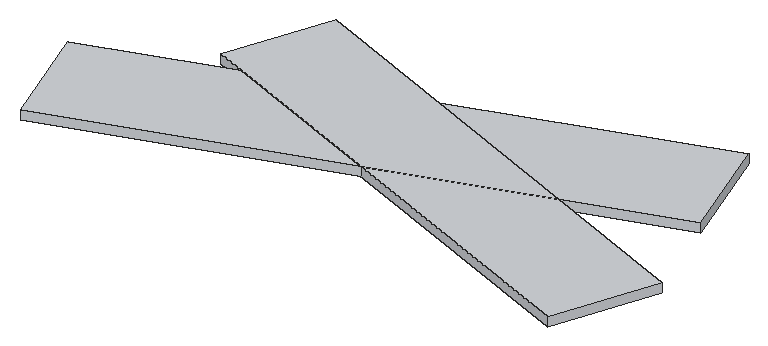
Revit family
Parameters
  x [instance] = Lungh * cos(pippo)  # 15141.079 mm
  pluto [instance] = pippo  # 20.00°
  pippo [instance] = 20.00°
  Lungh = 16112.8 mm
Reference planes
  plane 1 "Centro (Fronte/Retro)": y = 0
  plane 2: z = 0
  plane 3 "Centro (Sinistra/Destra)": x = 0
Forms (mm)
  Extrusion 1, solid
    sketch origin (0, 0, 0) x (1, 0, 0) y (0, 1, 0)
      loop
        line (0, 0) -> (15141.079, 5510.902) -> (14007.995, 8624.024) -> (-1133.084, 3113.122) -> (0, 0)
    from 0 to 250
  Extrusion 2, solid
    sketch origin (0, 0, 0) x (1, 0, 0) y (0, 1, 0)
      loop
        line (15141.079, 0) -> (16167.14, 2819.078) -> (2949.186, 7630.02) -> (1923.125, 4810.942) -> (15141.079, 0)
    from 0 to 250
Lines and regions (mm)
  reference lines
    curve 1: line (0, 0, 0) -> (15141.079, 0, 0)
    curve 2: line (0, 0, 0) -> (8551.203, 3112.383, 0)
    curve 3: line (15141.079, 0, 0) -> (15141.079, 9400, 0)
    curve 4: line (15141.079, 0, 0) -> (-3464.835, 6771.999, 0)
Dimensions and locks
  locked: Extrusion 1 sketch curve to Extrusion 1 sketch curve at 3312.915
  "Lungh": Extrusion 1 sketch curve to Extrusion 1 sketch curve
  "x": plane 3 "Centro (Sinistra/Destra)" to curve 3
  locked: Extrusion 2 sketch curve to Extrusion 2 sketch curve at 14066.253
  locked: Extrusion 2 sketch curve to Extrusion 2 sketch curve at 3000
  "pippo": angle curve 1 to curve 2
  "pluto": angle curve 4 to curve 1
  aligned and locked: plane 1 "Centro (Fronte/Retro)" to curve 1
  aligned and locked: Extrusion 1 sketch curve to curve 2
  aligned and locked: Extrusion 2 sketch curve to curve 4
Automatic sketch dimensions
  Extrusion 1 sketch curve to plane 1 "Centro (Fronte/Retro)" = 0 mm
  curve 2 to plane 3 "Centro (Sinistra/Destra)" = 0 mm
  curve 2 to curve 3 = 6287.617 mm
  Extrusion 2 sketch curve to plane 1 "Centro (Fronte/Retro)" = 0 mm
